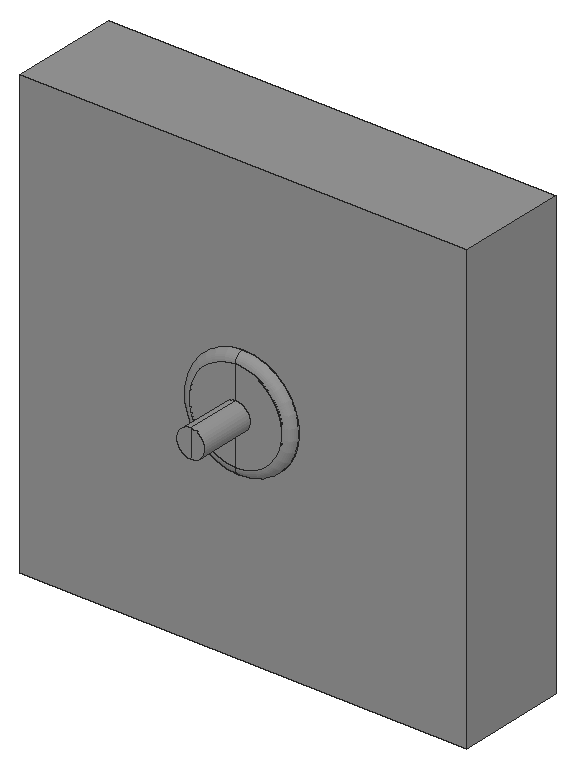
Revit family "Mop_Sink-Willoughby-CWMS-24246", category Plumbing Fixtures, Revit 2015
Parameters (values of type "24246")
  Width = 2' - 0"
  Waste DIA = 1 1/2"
  Waste Connection = yes
  Void Height = Height - 0' 0 3/16"  # 0' - 5 13/16"
  Vent Connection = no
  URL = "https://www.willoughby-ind.com/wp-content/uploads/2018/01/CWMS.pdf"
  Revision = "A"
  Model = "CWMS-24246"
  Manufacturer = "Willoughby Industries"
  Height = 0' - 6"
  HW Connection = no
  Fixture Body = Stainless Steel AISI 304-Willoughby
  Drain Depth = Depth / 2  # 1' - 0"
  Description = "Commercial Mop Sink, 24\" X 24\" X 6\""
  Depth = 2' - 0"
  Default Elevation = 0' - 0"
  Contact = "800-428-4065"
  CW Connection = no
Reference planes (in)
  plane 1 "Center (Front/Back) Floor Level": y = 0
  plane 2: z = 0
  plane 3 "Center (Left/Right)": x = 0
  plane 4 "Left Side": x = -12
  plane 5 "Right Side": x = 12
  plane 6 "Top Of Sink": y = 34
  plane 7 "Bottom Of Sink": y = 28
  plane 8 "Front of sink": z = 24
  plane 9 "Drain": z = 12
Forms (in)
  Extrusion 1, solid, material "Stainless Steel AISI 304-Willoughby" <- "Fixture Body"
    sketch origin (0, 0, 0) x (1, 0, 0) y (0, 0, 1)
      loop
        line (12, 0) -> (12, 24) -> (-12, 24) -> (-12, 0) -> (12, 0)
    from -34 to -28
  Extrusion 2, void
    sketch origin (0, 34, 0) x (-1, 0, 0) y (0, 0, 1)
      loop
        line (-10, 2) -> (10, 2) -> (10, 22) -> (-10, 22) -> (-10, 2)
    from 0 to -5.8125
  Revolve 3, solid, material "Stainless Steel AISI 304-Willoughby" <- "Fixture Body", detail levels fine
    sketch origin (0, 0, 0) x (0, 1, 0) y (0, 0, 1)
      loop
        line (28, 12) -> (28.22858, 12) -> (28.22858, 15) -> (28, 15)
        arc (28, 15) -> (27.64645, 14.85355) -> (27.5, 14.5) r 0.5
        line (27.5, 14.5) -> (27.5, 12.75) -> (24.5, 12.75) -> (24.5, 12) -> (28, 12)
      axis (28.22858, 12) -> (24.5, 12)
    angle from 0 to 360
Cuts and joins
  Extrusion 2 cuts Extrusion 1
Lines and regions (in)
  symbolic lines
    curve 1: line (12, 28, 0) -> (-12, 28, 0)
    curve 2: line (-12, 28, 0) -> (-12, 34, 0)
    curve 3: line (-12, 34, 0) -> (12, 34, 0)
    curve 10: line (-12, 34, 24) -> (-12, 34, 0)
    curve 11: line (-12, 34, 0) -> (12, 34, 0)
    curve 12: line (12, 34, 0) -> (12, 34, 24)
    curve 13: line (12, 34, 24) -> (-12, 34, 24)
    curve 20: line (0, 34, 24) -> (0, 28, 24)
    curve 21: line (0, 28, 24) -> (0, 28, 0)
    curve 22: line (0, 28, 0) -> (0, 34, 0)
    curve 23: line (0, 34, 0) -> (0, 34, 24)
    curve 24: arc (0, 28, 15) -> (0, 27.65043, 14.8552) -> (0, 27.50563, 14.50563) r 0.49437
    curve 25: line (0, 27.50563, 14.50563) -> (0, 27.50563, 9.45539)
    curve 26: arc (0, 27.50563, 9.45539) -> (0, 27.66219, 9.1277) -> (0, 28, 8.99438) r 0.49627
    curve 27: line (0, 24.5, 11.25) -> (0, 27.50563, 11.25)
    curve 28: line (0, 24.5, 11.25) -> (0, 24.5, 12.75)
    curve 29: line (0, 24.5, 12.75) -> (0, 27.50563, 12.75)
    curve 30: line (12, 34, 0) -> (12, 28, 0)
  symbolic lines, detail levels medium+fine
    curve 4: arc (3, 28, 0) -> (2.85244, 27.64376, 0) -> (2.4962, 27.4962, 0) r 0.5038
    curve 5: line (2.4962, 27.4962, 0) -> (-2.52648, 27.4962, 0)
    curve 6: arc (-2.52648, 27.4962, 0) -> (-2.87091, 27.64596, 0) -> (-2.99628, 28, 0) r 0.47095
    curve 7: line (0.75, 27.4962, 0) -> (0.75, 24.5, 0)
    curve 8: line (0.75, 24.5, 0) -> (-0.75, 24.5, 0)
    curve 9: line (-0.75, 24.5, 0) -> (-0.75, 27.4962, 0)
    curve 14: line (-10, 34, 22) -> (-10, 34, 2)
    curve 15: line (-10, 34, 2) -> (10, 34, 2)
    curve 16: line (10, 34, 2) -> (10, 34, 22)
    curve 17: line (10, 34, 22) -> (-10, 34, 22)
  symbolic lines, detail levels fine
    curve 18: circle (0, 34, 12) r 0.75 normal (0, 1, 0)
    curve 19: circle (0, 34, 12) r 3 normal (0, 1, 0)
Dimensions and locks (in)
  equal spacing: plane 4 "Left Side", plane 3 "Center (Left/Right)", plane 5 "Right Side"
  "Width": plane 4 "Left Side" to plane 5 "Right Side"
  "Height": plane 6 "Top Of Sink" to plane 7 "Bottom Of Sink"  (x2)
  "Void Height": cut or joined group of Extrusion 1, Extrusion 2 to cut or joined group of Extrusion 1, Extrusion 2
  locked: cut or joined group of Extrusion 1, Extrusion 2 to cut or joined group of Extrusion 1, Extrusion 2 at 2  (x3)
  aligned and locked: plane 4 "Left Side" to Extrusion 1
  aligned and locked: plane 8 "Front of sink" to Extrusion 1
  aligned and locked: Extrusion 1 to plane 5 "Right Side"
  aligned and locked: Extrusion 1 to level
  aligned and locked: plane 6 "Top Of Sink" to Extrusion 1
  aligned and locked: Extrusion 1 to plane 7 "Bottom Of Sink"
  aligned and locked: plane 6 "Top Of Sink" to Extrusion 2
  aligned and locked: Revolve 3 sketch curve to Revolve 3 sketch curve  (x2)
Automatic sketch dimensions
  Extrusion 1 sketch curve to level = 0' - 0"
  plane 4 "Left Side" to Extrusion 1 sketch curve = 0' - 0"
  plane 5 "Right Side" to Extrusion 1 sketch curve = 0' - 0"
  Extrusion 1 sketch curve to plane 8 "Front of sink" = 0' - 0"
  plane 5 "Right Side" to Extrusion 2 sketch curve = 0' - 2"
  Extrusion 2 sketch curve to plane 4 "Left Side" = 0' - 2"
  level to Extrusion 2 sketch curve = 0' - 2"
  Extrusion 2 sketch curve to plane 8 "Front of sink" = 0' - 2"
  Revolve 3 sketch curve to plane 9 "Drain" = 0' - 0"
  Revolve 3 sketch curve to plane 7 "Bottom Of Sink" = 0' - 0"  (x2)
  Revolve 3 sketch curve to plane 7 "Bottom Of Sink" = 0' - 0 1/2"
  Revolve 3 sketch curve to Revolve 3 sketch curve = 0' - 3"
  plane 7 "Bottom Of Sink" to Revolve 3 sketch curve = 0' - 0.22858"
  plane 9 "Drain" to Revolve 3 sketch curve = 0' - 0 3/4"
  Revolve 3 sketch curve to Revolve 3 sketch curve = 0' - 1 3/4"
  Revolve 3 sketch curve to Revolve 3 sketch curve = 0' - 0.02142"
  curve 18 to curve 19 = 0' - 0"  (x2)
  plane 5 "Right Side" to curve 12 = 0' - 0"
  curve 18 to plane 3 "Center (Left/Right)" = 0' - 0"
  curve 11 to level = 0' - 0"
  plane 4 "Left Side" to curve 11 = 0' - 0"
  curve 18 to plane 9 "Drain" = 0' - 0"
  curve 13 to plane 8 "Front of sink" = 0' - 0"
  plane 5 "Right Side" to curve 15 = 0' - 2"
  curve 17 to plane 4 "Left Side" = 0' - 2"
  level to curve 14 = 0' - 2"
  curve 17 to plane 8 "Front of sink" = 0' - 2"
  curve 24 to plane 7 "Bottom Of Sink" = 0' - 0"
  curve 23 to plane 6 "Top Of Sink" = 0' - 0"
  curve 23 to level = 0' - 0"
  curve 21 to plane 8 "Front of sink" = 0' - 0"
  curve 27 to plane 9 "Drain" = 0' - 0 3/4"
  curve 27 to curve 27 = 0' - 3.00563"
  plane 7 "Bottom Of Sink" to curve 26 = 0' - 0.00064"
  curve 25 to curve 27 = 0' - 1.79461"
  curve 26 to curve 26 = 0' - 0.03526"
  plane 9 "Drain" to curve 24 = 0' - 2.50563"
  curve 29 to plane 7 "Bottom Of Sink" = 0' - 0.49437"
  plane 9 "Drain" to curve 29 = 0' - 0 3/4"
  curve 1 to plane 4 "Left Side" = 0' - 0"
  curve 6 to plane 7 "Bottom Of Sink" = 0' - 0"
  curve 3 to plane 5 "Right Side" = 0' - 0"
  curve 30 to plane 6 "Top Of Sink" = 0' - 0"
  curve 6 to plane 7 "Bottom Of Sink" = 0' - 0.03285"
  curve 6 to plane 3 "Center (Left/Right)" = 0' - 2.52648"
  curve 9 to plane 3 "Center (Left/Right)" = 0' - 0 3/4"
  plane 3 "Center (Left/Right)" to curve 8 = 0' - 0 3/4"
  curve 7 to curve 4 = 0' - 1.7462"
  curve 5 to curve 4 = 0' - 0.5038"
  curve 8 to curve 7 = 0' - 2.9962"
  radius of curve 18 = 0' - 0 3/4"
  radius of curve 19 = 0' - 3"
Connectors (in)
  piping at (0, 24.5, 12), diameter 1.5, driven by "Waste DIA", driven by "Waste Connection"
    settings: on Revolve 3, index 1, connector inside diameter 24", connector length 0' - 0", flow factor 0, pipe flow 0 GPM, pressure drop 0.00 psi, fitting loss kfactor 0, connector angle 0.00°, fixture units 0, engagement length 0' - 0", angle of deflection 0.00°, flow configuration 0, flow direction 2, fitting loss method 0, system type 16, joint type 0, gender type 0, connector reference index -1, connector utility 1, adjustable connector no, is connector primary yes, connector description "Sink Waste"
